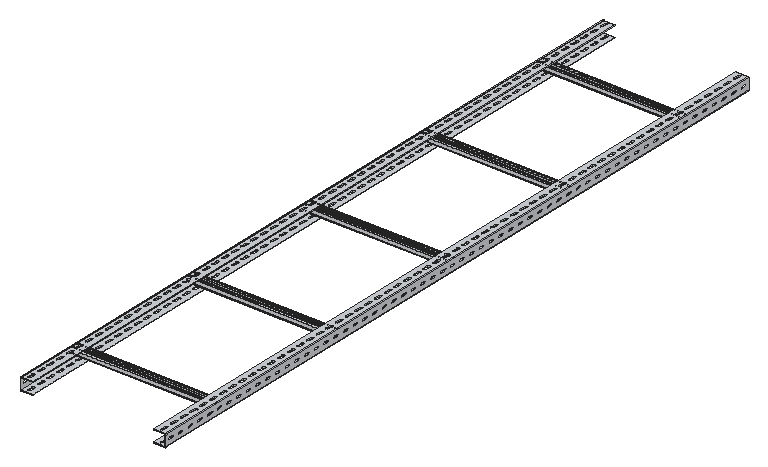
Revit family "steigeleiter_6_FT_FTSO_FTK_A2_A4.600rfa", category Generic Models, Revit 2017 (continued)
Forms (mm)
  Extrusion 306, void
    sketch origin (0, 300, 0) x (0, 1, 0) y (0, 0, 1)
      loop
        arc (15.5, 30.5) -> (10, 25) -> (15.5, 19.5) r 5.5
        line (15.5, 19.5) -> (34.5, 19.5)
        arc (34.5, 19.5) -> (40, 25) -> (34.5, 30.5) r 5.5
    from -300 to -297.5
  Extrusion 307, void
    sketch origin (0, 350, 0) x (0, 1, 0) y (0, 0, 1)
      loop
        line (34.5, 30.5) -> (15.5, 30.5)
        arc (15.5, 30.5) -> (10, 25) -> (15.5, 19.5) r 5.5
        line (15.5, 19.5) -> (34.5, 19.5)
        arc (34.5, 19.5) -> (40, 25) -> (34.5, 30.5) r 5.5
    from -300 to -297.5
  Extrusion 308, void
    sketch origin (0, 400, 0) x (0, 1, 0) y (0, 0, 1)
      loop
        line (34.5, 30.5) -> (15.5, 30.5)
        arc (15.5, 30.5) -> (10, 25) -> (15.5, 19.5) r 5.5
        line (15.5, 19.5) -> (34.5, 19.5)
        arc (34.5, 19.5) -> (40, 25) -> (34.5, 30.5) r 5.5
    from -300 to -297.5
  Extrusion 309, void
    sketch origin (0, 450, 0) x (0, 1, 0) y (0, 0, 1)
      loop
        line (34.5, 30.5) -> (15.5, 30.5)
        arc (15.5, 30.5) -> (10, 25) -> (15.5, 19.5) r 5.5
        line (15.5, 19.5) -> (34.5, 19.5)
        arc (34.5, 19.5) -> (40, 25) -> (34.5, 30.5) r 5.5
    from -300 to -297.5
  Extrusion 310, void
    sketch origin (0, 500, 0) x (0, 1, 0) y (0, 0, 1)
      loop
        line (34.5, 30.5) -> (15.5, 30.5)
        arc (15.5, 30.5) -> (10, 25) -> (15.5, 19.5) r 5.5
        line (15.5, 19.5) -> (34.5, 19.5)
        arc (34.5, 19.5) -> (40, 25) -> (34.5, 30.5) r 5.5
    from -300 to -297.5
  Extrusion 311, void
    sketch origin (0, 550, 0) x (0, 1, 0) y (0, 0, 1)
      loop
        line (34.5, 30.5) -> (15.5, 30.5)
        arc (15.5, 30.5) -> (10, 25) -> (15.5, 19.5) r 5.5
        line (15.5, 19.5) -> (34.5, 19.5)
        arc (34.5, 19.5) -> (40, 25) -> (34.5, 30.5) r 5.5
    from -300 to -297.5
  Extrusion 312, void
    sketch origin (0, 600, 0) x (0, 1, 0) y (0, 0, 1)
      loop
        line (34.5, 30.5) -> (15.5, 30.5)
        arc (15.5, 30.5) -> (10, 25) -> (15.5, 19.5) r 5.5
        line (15.5, 19.5) -> (34.5, 19.5)
        arc (34.5, 19.5) -> (40, 25) -> (34.5, 30.5) r 5.5
    from -300 to -297.5
  Extrusion 313, void
    sketch origin (0, 650, 0) x (0, 1, 0) y (0, 0, 1)
      loop
        line (34.5, 30.5) -> (15.5, 30.5)
        arc (15.5, 30.5) -> (10, 25) -> (15.5, 19.5) r 5.5
        line (15.5, 19.5) -> (34.5, 19.5)
        arc (34.5, 19.5) -> (40, 25) -> (34.5, 30.5) r 5.5
    from -300 to -297.5
  Extrusion 314, void
    sketch origin (0, 700, 0) x (0, 1, 0) y (0, 0, 1)
      loop
        line (34.5, 30.5) -> (15.5, 30.5)
        arc (15.5, 30.5) -> (10, 25) -> (15.5, 19.5) r 5.5
        line (15.5, 19.5) -> (34.5, 19.5)
        arc (34.5, 19.5) -> (40, 25) -> (34.5, 30.5) r 5.5
    from -300 to -297.5
  Extrusion 315, void
    sketch origin (0, 750, 0) x (0, 1, 0) y (0, 0, 1)
      loop
        line (34.5, 30.5) -> (15.5, 30.5)
        arc (15.5, 30.5) -> (10, 25) -> (15.5, 19.5) r 5.5
        line (15.5, 19.5) -> (34.5, 19.5)
        arc (34.5, 19.5) -> (40, 25) -> (34.5, 30.5) r 5.5
    from -300 to -297.5
  Extrusion 316, void
    sketch origin (0, 800, 0) x (0, 1, 0) y (0, 0, 1)
      loop
        line (34.5, 30.5) -> (15.5, 30.5)
        arc (15.5, 30.5) -> (10, 25) -> (15.5, 19.5) r 5.5
        line (15.5, 19.5) -> (34.5, 19.5)
        arc (34.5, 19.5) -> (40, 25) -> (34.5, 30.5) r 5.5
    from -300 to -297.5
  Extrusion 317, void
    sketch origin (0, 850, 0) x (0, 1, 0) y (0, 0, 1)
      loop
        line (34.5, 30.5) -> (15.5, 30.5)
        arc (15.5, 30.5) -> (10, 25) -> (15.5, 19.5) r 5.5
        line (15.5, 19.5) -> (34.5, 19.5)
        arc (34.5, 19.5) -> (40, 25) -> (34.5, 30.5) r 5.5
    from -300 to -297.5
  Extrusion 318, void
    sketch origin (0, 900, 0) x (0, 1, 0) y (0, 0, 1)
      loop
        line (34.5, 30.5) -> (15.5, 30.5)
        arc (15.5, 30.5) -> (10, 25) -> (15.5, 19.5) r 5.5
        line (15.5, 19.5) -> (34.5, 19.5)
        arc (34.5, 19.5) -> (40, 25) -> (34.5, 30.5) r 5.5
    from -300 to -297.5
  Extrusion 319, void
    sketch origin (0, 950, 0) x (0, 1, 0) y (0, 0, 1)
      loop
        line (34.5, 30.5) -> (15.5, 30.5)
        arc (15.5, 30.5) -> (10, 25) -> (15.5, 19.5) r 5.5
        line (15.5, 19.5) -> (34.5, 19.5)
        arc (34.5, 19.5) -> (40, 25) -> (34.5, 30.5) r 5.5
    from -300 to -297.5
  Extrusion 320, void
    sketch origin (0, 1000, 0) x (0, 1, 0) y (0, 0, 1)
      loop
        line (34.5, 30.5) -> (15.5, 30.5)
        arc (15.5, 30.5) -> (10, 25) -> (15.5, 19.5) r 5.5
        line (15.5, 19.5) -> (34.5, 19.5)
        arc (34.5, 19.5) -> (40, 25) -> (34.5, 30.5) r 5.5
    from -300 to -297.5
  Extrusion 321, void
    sketch origin (0, 1050, 0) x (0, 1, 0) y (0, 0, 1)
      loop
        line (34.5, 30.5) -> (15.5, 30.5)
        arc (15.5, 30.5) -> (10, 25) -> (15.5, 19.5) r 5.5
        line (15.5, 19.5) -> (34.5, 19.5)
        arc (34.5, 19.5) -> (40, 25) -> (34.5, 30.5) r 5.5
    from -300 to -297.5
  Extrusion 322, void
    sketch origin (0, 1100, 0) x (0, 1, 0) y (0, 0, 1)
      loop
        line (34.5, 30.5) -> (15.5, 30.5)
        arc (15.5, 30.5) -> (10, 25) -> (15.5, 19.5) r 5.5
        line (15.5, 19.5) -> (34.5, 19.5)
        arc (34.5, 19.5) -> (40, 25) -> (34.5, 30.5) r 5.5
    from -300 to -297.5
  Extrusion 323, void
    sketch origin (0, 1150, 0) x (0, 1, 0) y (0, 0, 1)
      loop
        line (34.5, 30.5) -> (15.5, 30.5)
        arc (15.5, 30.5) -> (10, 25) -> (15.5, 19.5) r 5.5
        line (15.5, 19.5) -> (34.5, 19.5)
        arc (34.5, 19.5) -> (40, 25) -> (34.5, 30.5) r 5.5
    from -300 to -297.5
  Extrusion 324, void
    sketch origin (0, 1200, 0) x (0, 1, 0) y (0, 0, 1)
      loop
        line (34.5, 30.5) -> (15.5, 30.5)
        arc (15.5, 30.5) -> (10, 25) -> (15.5, 19.5) r 5.5
        line (15.5, 19.5) -> (34.5, 19.5)
        arc (34.5, 19.5) -> (40, 25) -> (34.5, 30.5) r 5.5
    from -300 to -297.5
  Extrusion 325, void
    sketch origin (0, 1250, 0) x (0, 1, 0) y (0, 0, 1)
      loop
        line (34.5, 30.5) -> (15.5, 30.5)
        arc (15.5, 30.5) -> (10, 25) -> (15.5, 19.5) r 5.5
        line (15.5, 19.5) -> (34.5, 19.5)
        arc (34.5, 19.5) -> (40, 25) -> (34.5, 30.5) r 5.5
    from -300 to -297.5
  Extrusion 326, void
    sketch origin (0, 1300, 0) x (0, 1, 0) y (0, 0, 1)
      loop
        line (34.5, 30.5) -> (15.5, 30.5)
        arc (15.5, 30.5) -> (10, 25) -> (15.5, 19.5) r 5.5
        line (15.5, 19.5) -> (34.5, 19.5)
        arc (34.5, 19.5) -> (40, 25) -> (34.5, 30.5) r 5.5
    from -300 to -297.5
  Extrusion 327, void
    sketch origin (0, 1350, 0) x (0, 1, 0) y (0, 0, 1)
      loop
        line (34.5, 30.5) -> (15.5, 30.5)
        arc (15.5, 30.5) -> (10, 25) -> (15.5, 19.5) r 5.5
        line (15.5, 19.5) -> (34.5, 19.5)
        arc (34.5, 19.5) -> (40, 25) -> (34.5, 30.5) r 5.5
    from -300 to -297.5
  Extrusion 328, void
    sketch origin (0, 1400, 0) x (0, 1, 0) y (0, 0, 1)
      loop
        line (34.5, 30.5) -> (15.5, 30.5)
        arc (15.5, 30.5) -> (10, 25) -> (15.5, 19.5) r 5.5
        line (15.5, 19.5) -> (34.5, 19.5)
        arc (34.5, 19.5) -> (40, 25) -> (34.5, 30.5) r 5.5
    from -300 to -297.5
  Extrusion 329, void
    sketch origin (0, 1450, 0) x (0, 1, 0) y (0, 0, 1)
      loop
        line (34.5, 30.5) -> (15.5, 30.5)
        arc (15.5, 30.5) -> (10, 25) -> (15.5, 19.5) r 5.5
        line (15.5, 19.5) -> (34.5, 19.5)
        arc (34.5, 19.5) -> (40, 25) -> (34.5, 30.5) r 5.5
    from -300 to -297.5
  Extrusion 330, void
    sketch origin (0, 1500, 0) x (0, 1, 0) y (0, 0, 1)
      loop
        line (34.5, 30.5) -> (15.5, 30.5)
        arc (15.5, 30.5) -> (10, 25) -> (15.5, 19.5) r 5.5
        line (15.5, 19.5) -> (34.5, 19.5)
        arc (34.5, 19.5) -> (40, 25) -> (34.5, 30.5) r 5.5
    from -300 to -297.5
  Extrusion 331, void
    sketch origin (0, 1550, 0) x (0, 1, 0) y (0, 0, 1)
      loop
        line (34.5, 30.5) -> (15.5, 30.5)
        arc (15.5, 30.5) -> (10, 25) -> (15.5, 19.5) r 5.5
        line (15.5, 19.5) -> (34.5, 19.5)
        arc (34.5, 19.5) -> (40, 25) -> (34.5, 30.5) r 5.5
    from -300 to -297.5
  Extrusion 332, void
    sketch origin (0, 1600, 0) x (0, 1, 0) y (0, 0, 1)
      loop
        line (34.5, 30.5) -> (15.5, 30.5)
        arc (15.5, 30.5) -> (10, 25) -> (15.5, 19.5) r 5.5
        line (15.5, 19.5) -> (34.5, 19.5)
        arc (34.5, 19.5) -> (40, 25) -> (34.5, 30.5) r 5.5
    from -300 to -297.5
  Extrusion 333, void
    sketch origin (0, 1650, 0) x (0, 1, 0) y (0, 0, 1)
      loop
        line (34.5, 30.5) -> (15.5, 30.5)
        arc (15.5, 30.5) -> (10, 25) -> (15.5, 19.5) r 5.5
        line (15.5, 19.5) -> (34.5, 19.5)
        arc (34.5, 19.5) -> (40, 25) -> (34.5, 30.5) r 5.5
    from -300 to -297.5
  Extrusion 334, void
    sketch origin (0, 1700, 0) x (0, 1, 0) y (0, 0, 1)
      loop
        line (34.5, 30.5) -> (15.5, 30.5)
        arc (15.5, 30.5) -> (10, 25) -> (15.5, 19.5) r 5.5
        line (15.5, 19.5) -> (34.5, 19.5)
        arc (34.5, 19.5) -> (40, 25) -> (34.5, 30.5) r 5.5
    from -300 to -297.5
  Extrusion 335, void
    sketch origin (0, 1750, 0) x (0, 1, 0) y (0, 0, 1)
      loop
        line (34.5, 30.5) -> (15.5, 30.5)
        arc (15.5, 30.5) -> (10, 25) -> (15.5, 19.5) r 5.5
        line (15.5, 19.5) -> (34.5, 19.5)
        arc (34.5, 19.5) -> (40, 25) -> (34.5, 30.5) r 5.5
    from -300 to -297.5
  Extrusion 336, void
    sketch origin (0, 1800, 0) x (0, 1, 0) y (0, 0, 1)
      loop
        line (34.5, 30.5) -> (15.5, 30.5)
        arc (15.5, 30.5) -> (10, 25) -> (15.5, 19.5) r 5.5
        line (15.5, 19.5) -> (34.5, 19.5)
        arc (34.5, 19.5) -> (40, 25) -> (34.5, 30.5) r 5.5
    from -300 to -297.5
  Extrusion 337, void
    sketch origin (0, 1850, 0) x (0, 1, 0) y (0, 0, 1)
      loop
        line (34.5, 30.5) -> (15.5, 30.5)
        arc (15.5, 30.5) -> (10, 25) -> (15.5, 19.5) r 5.5
        line (15.5, 19.5) -> (34.5, 19.5)
        arc (34.5, 19.5) -> (40, 25) -> (34.5, 30.5) r 5.5
    from -300 to -297.5
  Extrusion 338, void
    sketch origin (0, 1900, 0) x (0, 1, 0) y (0, 0, 1)
      loop
        line (34.5, 30.5) -> (15.5, 30.5)
        arc (15.5, 30.5) -> (10, 25) -> (15.5, 19.5) r 5.5
        line (15.5, 19.5) -> (34.5, 19.5)
        arc (34.5, 19.5) -> (40, 25) -> (34.5, 30.5) r 5.5
    from -300 to -297.5
  Extrusion 339, void
    sketch origin (0, 1950, 0) x (0, 1, 0) y (0, 0, 1)
      loop
        line (34.5, 30.5) -> (15.5, 30.5)
        arc (15.5, 30.5) -> (10, 25) -> (15.5, 19.5) r 5.5
        line (15.5, 19.5) -> (34.5, 19.5)
        arc (34.5, 19.5) -> (40, 25) -> (34.5, 30.5) r 5.5
    from -300 to -297.5
  Extrusion 340, void
    sketch origin (0, 2000, 0) x (0, 1, 0) y (0, 0, 1)
      loop
        line (34.5, 30.5) -> (15.5, 30.5)
        arc (15.5, 30.5) -> (10, 25) -> (15.5, 19.5) r 5.5
        line (15.5, 19.5) -> (34.5, 19.5)
        arc (34.5, 19.5) -> (40, 25) -> (34.5, 30.5) r 5.5
    from -300 to -297.5
  Extrusion 341, void
    sketch origin (0, 2050, 0) x (0, 1, 0) y (0, 0, 1)
      loop
        line (34.5, 30.5) -> (15.5, 30.5)
        arc (15.5, 30.5) -> (10, 25) -> (15.5, 19.5) r 5.5
        line (15.5, 19.5) -> (34.5, 19.5)
        arc (34.5, 19.5) -> (40, 25) -> (34.5, 30.5) r 5.5
    from -300 to -297.5
  Extrusion 342, void
    sketch origin (0, 2100, 0) x (0, 1, 0) y (0, 0, 1)
      loop
        line (34.5, 30.5) -> (15.5, 30.5)
        arc (15.5, 30.5) -> (10, 25) -> (15.5, 19.5) r 5.5
        line (15.5, 19.5) -> (34.5, 19.5)
        arc (34.5, 19.5) -> (40, 25) -> (34.5, 30.5) r 5.5
    from -300 to -297.5
  Extrusion 343, void
    sketch origin (0, 2150, 0) x (0, 1, 0) y (0, 0, 1)
      loop
        line (34.5, 30.5) -> (15.5, 30.5)
        arc (15.5, 30.5) -> (10, 25) -> (15.5, 19.5) r 5.5
        line (15.5, 19.5) -> (34.5, 19.5)
        arc (34.5, 19.5) -> (40, 25) -> (34.5, 30.5) r 5.5
    from -300 to -297.5
  Extrusion 344, void
    sketch origin (0, 2200, 0) x (0, 1, 0) y (0, 0, 1)
      loop
        line (34.5, 30.5) -> (15.5, 30.5)
        arc (15.5, 30.5) -> (10, 25) -> (15.5, 19.5) r 5.5
        line (15.5, 19.5) -> (34.5, 19.5)
        arc (34.5, 19.5) -> (40, 25) -> (34.5, 30.5) r 5.5
    from -300 to -297.5
  Extrusion 345, void
    sketch origin (0, 2250, 0) x (0, 1, 0) y (0, 0, 1)
      loop
        line (34.5, 30.5) -> (15.5, 30.5)
        arc (15.5, 30.5) -> (10, 25) -> (15.5, 19.5) r 5.5
        line (15.5, 19.5) -> (34.5, 19.5)
        arc (34.5, 19.5) -> (40, 25) -> (34.5, 30.5) r 5.5
    from -300 to -297.5
  Extrusion 346, void
    sketch origin (0, 2300, 0) x (0, 1, 0) y (0, 0, 1)
      loop
        line (34.5, 30.5) -> (15.5, 30.5)
        arc (15.5, 30.5) -> (10, 25) -> (15.5, 19.5) r 5.5
        line (15.5, 19.5) -> (34.5, 19.5)
        arc (34.5, 19.5) -> (40, 25) -> (34.5, 30.5) r 5.5
    from -300 to -297.5
  Extrusion 347, void
    sketch origin (0, 2350, 0) x (0, 1, 0) y (0, 0, 1)
      loop
        line (34.5, 30.5) -> (15.5, 30.5)
        arc (15.5, 30.5) -> (10, 25) -> (15.5, 19.5) r 5.5
        line (15.5, 19.5) -> (34.5, 19.5)
        arc (34.5, 19.5) -> (40, 25) -> (34.5, 30.5) r 5.5
    from -300 to -297.5
  Extrusion 348, void
    sketch origin (0, 2400, 0) x (0, 1, 0) y (0, 0, 1)
      loop
        line (34.5, 30.5) -> (15.5, 30.5)
        arc (15.5, 30.5) -> (10, 25) -> (15.5, 19.5) r 5.5
        line (15.5, 19.5) -> (34.5, 19.5)
        arc (34.5, 19.5) -> (40, 25) -> (34.5, 30.5) r 5.5
    from -300 to -297.5
  Extrusion 349, void
    sketch origin (0, 2450, 0) x (0, 1, 0) y (0, 0, 1)
      loop
        line (34.5, 30.5) -> (15.5, 30.5)
        arc (15.5, 30.5) -> (10, 25) -> (15.5, 19.5) r 5.5
        line (15.5, 19.5) -> (34.5, 19.5)
        arc (34.5, 19.5) -> (40, 25) -> (34.5, 30.5) r 5.5
    from -300 to -297.5
  Extrusion 350, void
    sketch origin (0, 2500, 0) x (0, 1, 0) y (0, 0, 1)
      loop
        line (34.5, 30.5) -> (15.5, 30.5)
        arc (15.5, 30.5) -> (10, 25) -> (15.5, 19.5) r 5.5
        line (15.5, 19.5) -> (34.5, 19.5)
        arc (34.5, 19.5) -> (40, 25) -> (34.5, 30.5) r 5.5
    from -300 to -297.5
  Extrusion 351, void
    sketch origin (0, 2550, 0) x (0, 1, 0) y (0, 0, 1)
      loop
        line (34.5, 30.5) -> (15.5, 30.5)
        arc (15.5, 30.5) -> (10, 25) -> (15.5, 19.5) r 5.5
        line (15.5, 19.5) -> (34.5, 19.5)
        arc (34.5, 19.5) -> (40, 25) -> (34.5, 30.5) r 5.5
    from -300 to -297.5
  Extrusion 352, void
    sketch origin (0, 2600, 0) x (0, 1, 0) y (0, 0, 1)
      loop
        line (34.5, 30.5) -> (15.5, 30.5)
        arc (15.5, 30.5) -> (10, 25) -> (15.5, 19.5) r 5.5
        line (15.5, 19.5) -> (34.5, 19.5)
        arc (34.5, 19.5) -> (40, 25) -> (34.5, 30.5) r 5.5
    from -300 to -297.5
  Extrusion 353, void
    sketch origin (0, 2650, 0) x (0, 1, 0) y (0, 0, 1)
      loop
        line (34.5, 30.5) -> (15.5, 30.5)
        arc (15.5, 30.5) -> (10, 25) -> (15.5, 19.5) r 5.5
        line (15.5, 19.5) -> (34.5, 19.5)
        arc (34.5, 19.5) -> (40, 25) -> (34.5, 30.5) r 5.5
    from -300 to -297.5
  Extrusion 354, void
    sketch origin (0, 2700, 0) x (0, 1, 0) y (0, 0, 1)
      loop
        line (34.5, 30.5) -> (15.5, 30.5)
        arc (15.5, 30.5) -> (10, 25) -> (15.5, 19.5) r 5.5
        line (15.5, 19.5) -> (34.5, 19.5)
        arc (34.5, 19.5) -> (40, 25) -> (34.5, 30.5) r 5.5
    from -300 to -297.5
  Extrusion 355, void
    sketch origin (0, 2750, 0) x (0, 1, 0) y (0, 0, 1)
      loop
        line (34.5, 30.5) -> (15.5, 30.5)
        arc (15.5, 30.5) -> (10, 25) -> (15.5, 19.5) r 5.5
        line (15.5, 19.5) -> (34.5, 19.5)
        arc (34.5, 19.5) -> (40, 25) -> (34.5, 30.5) r 5.5
    from -300 to -297.5
  Extrusion 356, void
    sketch origin (0, 2800, 0) x (0, 1, 0) y (0, 0, 1)
      loop
        line (34.5, 30.5) -> (15.5, 30.5)
        arc (15.5, 30.5) -> (10, 25) -> (15.5, 19.5) r 5.5
        line (15.5, 19.5) -> (34.5, 19.5)
        arc (34.5, 19.5) -> (40, 25) -> (34.5, 30.5) r 5.5
    from -300 to -297.5
  Extrusion 357, void
    sketch origin (0, 2850, 0) x (0, 1, 0) y (0, 0, 1)
      loop
        line (34.5, 30.5) -> (15.5, 30.5)
        arc (15.5, 30.5) -> (10, 25) -> (15.5, 19.5) r 5.5
        line (15.5, 19.5) -> (34.5, 19.5)
        arc (34.5, 19.5) -> (40, 25) -> (34.5, 30.5) r 5.5
    from -300 to -297.5
  Extrusion 358, void
    sketch origin (0, 2900, 0) x (0, 1, 0) y (0, 0, 1)
      loop
        line (34.5, 30.5) -> (15.5, 30.5)
        arc (15.5, 30.5) -> (10, 25) -> (15.5, 19.5) r 5.5
        line (15.5, 19.5) -> (34.5, 19.5)
        arc (34.5, 19.5) -> (40, 25) -> (34.5, 30.5) r 5.5
    from -300 to -297.5
  Extrusion 359, void
    sketch origin (0, 2950, 0) x (0, 1, 0) y (0, 0, 1)
      loop
        line (34.5, 30.5) -> (15.5, 30.5)
        arc (15.5, 30.5) -> (10, 25) -> (15.5, 19.5) r 5.5
        line (15.5, 19.5) -> (34.5, 19.5)
        arc (34.5, 19.5) -> (40, 25) -> (34.5, 30.5) r 5.5
    from -300 to -297.5
  Extrusion 360, void
    sketch origin (0, 0, 0) x (0, 1, 0) y (0, 0, 1)
      loop
        line (34.5, 30.5) -> (15.5, 30.5)
        arc (15.5, 30.5) -> (10, 25) -> (15.5, 19.5) r 5.5
        line (15.5, 19.5) -> (34.5, 19.5)
        arc (34.5, 19.5) -> (40, 25) -> (34.5, 30.5) r 5.5
    from -300 to -297.5
  Extrusion 361, void
    sketch origin (0, 0, 0) x (0, 1, 0) y (0, 0, 1)
      loop
        arc (15.5, 30.5) -> (10, 25) -> (15.5, 19.5) r 5.5
        line (15.5, 19.5) -> (34.5, 19.5)
        arc (34.5, 19.5) -> (40, 25) -> (34.5, 30.5) r 5.5
        line (34.5, 30.5) -> (15.5, 30.5)
    from 297.5 to 300
  Extrusion 362, solid
    sketch origin (0, 0, 0) x (0, 1, 0) y (0, 0, 1)
      loop
        arc (257.462, 27) -> (256.075, 27.575) -> (255.5, 28.962) r 1.962
        line (255.5, 28.962) -> (255.5, 43.5)
        arc (255.5, 43.5) -> (256.086, 44.914) -> (257.5, 45.5) r 2
        line (257.5, 45.5) -> (261.51, 45.5)
        arc (261.51, 45.5) -> (262.21, 45.21) -> (262.5, 44.51) r 0.99
        line (262.5, 44.51) -> (262.5, 42) -> (264.5, 42) -> (264.5, 44.51)
        arc (264.5, 44.51) -> (263.624, 46.624) -> (261.51, 47.5) r 2.99
        line (261.51, 47.5) -> (257.5, 47.5)
        arc (257.5, 47.5) -> (254.672, 46.328) -> (253.5, 43.5) r 4
        line (253.5, 43.5) -> (253.5, 28.962)
        arc (253.5, 28.962) -> (254.66, 26.16) -> (257.462, 25) r 3.962
        line (257.462, 25) -> (289.5, 25)
        arc (289.5, 25) -> (292.328, 26.172) -> (293.5, 29) r 4
        line (293.5, 29) -> (293.5, 43.5)
        arc (293.5, 43.5) -> (292.328, 46.328) -> (289.5, 47.5) r 4
        line (289.5, 47.5) -> (285.495, 47.5)
        arc (285.495, 47.5) -> (283.377, 46.623) -> (282.5, 44.505) r 2.995
        line (282.5, 44.505) -> (282.5, 42) -> (284.5, 42) -> (284.5, 44.505)
        arc (284.5, 44.505) -> (284.791, 45.209) -> (285.495, 45.5) r 0.995
        line (285.495, 45.5) -> (289.5, 45.5)
        arc (289.5, 45.5) -> (290.914, 44.914) -> (291.5, 43.5) r 2
        line (291.5, 43.5) -> (291.5, 29)
        arc (291.5, 29) -> (290.914, 27.586) -> (289.5, 27) r 2
        line (289.5, 27) -> (257.462, 27)
    from -297.5 to 297.5
  Extrusion 363, solid
    sketch origin (0, 600, 0) x (0, 1, 0) y (0, 0, 1)
      loop
        arc (257.462, 27) -> (256.075, 27.575) -> (255.5, 28.962) r 1.962
        line (255.5, 28.962) -> (255.5, 43.5)
        arc (255.5, 43.5) -> (256.086, 44.914) -> (257.5, 45.5) r 2
        line (257.5, 45.5) -> (261.51, 45.5)
        arc (261.51, 45.5) -> (262.21, 45.21) -> (262.5, 44.51) r 0.99
        line (262.5, 44.51) -> (262.5, 42) -> (264.5, 42) -> (264.5, 44.51)
        arc (264.5, 44.51) -> (263.624, 46.624) -> (261.51, 47.5) r 2.99
        line (261.51, 47.5) -> (257.5, 47.5)
        arc (257.5, 47.5) -> (254.672, 46.328) -> (253.5, 43.5) r 4
        line (253.5, 43.5) -> (253.5, 28.962)
        arc (253.5, 28.962) -> (254.66, 26.16) -> (257.462, 25) r 3.962
        line (257.462, 25) -> (289.5, 25)
        arc (289.5, 25) -> (292.328, 26.172) -> (293.5, 29) r 4
        line (293.5, 29) -> (293.5, 43.5)
        arc (293.5, 43.5) -> (292.328, 46.328) -> (289.5, 47.5) r 4
        line (289.5, 47.5) -> (285.495, 47.5)
        arc (285.495, 47.5) -> (283.377, 46.623) -> (282.5, 44.505) r 2.995
        line (282.5, 44.505) -> (282.5, 42) -> (284.5, 42) -> (284.5, 44.505)
        arc (284.5, 44.505) -> (284.791, 45.209) -> (285.495, 45.5) r 0.995
        line (285.495, 45.5) -> (289.5, 45.5)
        arc (289.5, 45.5) -> (290.914, 44.914) -> (291.5, 43.5) r 2
        line (291.5, 43.5) -> (291.5, 29)
        arc (291.5, 29) -> (290.914, 27.586) -> (289.5, 27) r 2
        line (289.5, 27) -> (257.462, 27)
    from -297.5 to 297.5
  Extrusion 364, solid
    sketch origin (0, 1200, 0) x (0, 1, 0) y (0, 0, 1)
      loop
        arc (257.462, 27) -> (256.075, 27.575) -> (255.5, 28.962) r 1.962
        line (255.5, 28.962) -> (255.5, 43.5)
        arc (255.5, 43.5) -> (256.086, 44.914) -> (257.5, 45.5) r 2
        line (257.5, 45.5) -> (261.51, 45.5)
        arc (261.51, 45.5) -> (262.21, 45.21) -> (262.5, 44.51) r 0.99
        line (262.5, 44.51) -> (262.5, 42) -> (264.5, 42) -> (264.5, 44.51)
        arc (264.5, 44.51) -> (263.624, 46.624) -> (261.51, 47.5) r 2.99
        line (261.51, 47.5) -> (257.5, 47.5)
        arc (257.5, 47.5) -> (254.672, 46.328) -> (253.5, 43.5) r 4
        line (253.5, 43.5) -> (253.5, 28.962)
        arc (253.5, 28.962) -> (254.66, 26.16) -> (257.462, 25) r 3.962
        line (257.462, 25) -> (289.5, 25)
        arc (289.5, 25) -> (292.328, 26.172) -> (293.5, 29) r 4
        line (293.5, 29) -> (293.5, 43.5)
        arc (293.5, 43.5) -> (292.328, 46.328) -> (289.5, 47.5) r 4
        line (289.5, 47.5) -> (285.495, 47.5)
        arc (285.495, 47.5) -> (283.377, 46.623) -> (282.5, 44.505) r 2.995
        line (282.5, 44.505) -> (282.5, 42) -> (284.5, 42) -> (284.5, 44.505)
        arc (284.5, 44.505) -> (284.791, 45.209) -> (285.495, 45.5) r 0.995
        line (285.495, 45.5) -> (289.5, 45.5)
        arc (289.5, 45.5) -> (290.914, 44.914) -> (291.5, 43.5) r 2
        line (291.5, 43.5) -> (291.5, 29)
        arc (291.5, 29) -> (290.914, 27.586) -> (289.5, 27) r 2
        line (289.5, 27) -> (257.462, 27)
    from -297.5 to 297.5
  Extrusion 365, solid
    sketch origin (0, 1800, 0) x (0, 1, 0) y (0, 0, 1)
      loop
        arc (257.462, 27) -> (256.075, 27.575) -> (255.5, 28.962) r 1.962
        line (255.5, 28.962) -> (255.5, 43.5)
        arc (255.5, 43.5) -> (256.086, 44.914) -> (257.5, 45.5) r 2
        line (257.5, 45.5) -> (261.51, 45.5)
        arc (261.51, 45.5) -> (262.21, 45.21) -> (262.5, 44.51) r 0.99
        line (262.5, 44.51) -> (262.5, 42) -> (264.5, 42) -> (264.5, 44.51)
        arc (264.5, 44.51) -> (263.624, 46.624) -> (261.51, 47.5) r 2.99
        line (261.51, 47.5) -> (257.5, 47.5)
        arc (257.5, 47.5) -> (254.672, 46.328) -> (253.5, 43.5) r 4
        line (253.5, 43.5) -> (253.5, 28.962)
        arc (253.5, 28.962) -> (254.66, 26.16) -> (257.462, 25) r 3.962
        line (257.462, 25) -> (289.5, 25)
        arc (289.5, 25) -> (292.328, 26.172) -> (293.5, 29) r 4
        line (293.5, 29) -> (293.5, 43.5)
        arc (293.5, 43.5) -> (292.328, 46.328) -> (289.5, 47.5) r 4
        line (289.5, 47.5) -> (285.495, 47.5)
        arc (285.495, 47.5) -> (283.377, 46.623) -> (282.5, 44.505) r 2.995
        line (282.5, 44.505) -> (282.5, 42) -> (284.5, 42) -> (284.5, 44.505)
        arc (284.5, 44.505) -> (284.791, 45.209) -> (285.495, 45.5) r 0.995
        line (285.495, 45.5) -> (289.5, 45.5)
        arc (289.5, 45.5) -> (290.914, 44.914) -> (291.5, 43.5) r 2
        line (291.5, 43.5) -> (291.5, 29)
        arc (291.5, 29) -> (290.914, 27.586) -> (289.5, 27) r 2
        line (289.5, 27) -> (257.462, 27)
    from -297.5 to 297.5
  Extrusion 366, solid
    sketch origin (0, 2400, 0) x (0, 1, 0) y (0, 0, 1)
      loop
        arc (257.462, 27) -> (256.075, 27.575) -> (255.5, 28.962) r 1.962
        line (255.5, 28.962) -> (255.5, 43.5)
        arc (255.5, 43.5) -> (256.086, 44.914) -> (257.5, 45.5) r 2
        line (257.5, 45.5) -> (261.51, 45.5)
        arc (261.51, 45.5) -> (262.21, 45.21) -> (262.5, 44.51) r 0.99
        line (262.5, 44.51) -> (262.5, 42) -> (264.5, 42) -> (264.5, 44.51)
        arc (264.5, 44.51) -> (263.624, 46.624) -> (261.51, 47.5) r 2.99
        line (261.51, 47.5) -> (257.5, 47.5)
        arc (257.5, 47.5) -> (254.672, 46.328) -> (253.5, 43.5) r 4
        line (253.5, 43.5) -> (253.5, 28.962)
        arc (253.5, 28.962) -> (254.66, 26.16) -> (257.462, 25) r 3.962
        line (257.462, 25) -> (289.5, 25)
        arc (289.5, 25) -> (292.328, 26.172) -> (293.5, 29) r 4
        line (293.5, 29) -> (293.5, 43.5)
        arc (293.5, 43.5) -> (292.328, 46.328) -> (289.5, 47.5) r 4
        line (289.5, 47.5) -> (285.495, 47.5)
        arc (285.495, 47.5) -> (283.377, 46.623) -> (282.5, 44.505) r 2.995
        line (282.5, 44.505) -> (282.5, 42) -> (284.5, 42) -> (284.5, 44.505)
        arc (284.5, 44.505) -> (284.791, 45.209) -> (285.495, 45.5) r 0.995
        line (285.495, 45.5) -> (289.5, 45.5)
        arc (289.5, 45.5) -> (290.914, 44.914) -> (291.5, 43.5) r 2
        line (291.5, 43.5) -> (291.5, 29)
        arc (291.5, 29) -> (290.914, 27.586) -> (289.5, 27) r 2
        line (289.5, 27) -> (257.462, 27)
    from -297.5 to 297.5
Cuts and joins
  Extrusion 2, Extrusion 3, Extrusion 4, Extrusion 5, Extrusion 6, Extrusion 7, Extrusion 8, Extrusion 9, Extrusion 10, Extrusion 11, Extrusion 12, Extrusion 13, Extrusion 14, Extrusion 15, Extrusion 16, Extrusion 17, Extrusion 18, Extrusion 19, Extrusion 20, Extrusion 21, Extrusion 22, Extrusion 23, Extrusion 24, Extrusion 25, Extrusion 26, Extrusion 27, Extrusion 28, Extrusion 29, Extrusion 30, Extrusion 31, Extrusion 32, Extrusion 33, Extrusion 34, Extrusion 35, Extrusion 36, Extrusion 37, Extrusion 38, Extrusion 39, Extrusion 40, Extrusion 41, Extrusion 42, Extrusion 43, Extrusion 44, Extrusion 45, Extrusion 46, Extrusion 47, Extrusion 48, Extrusion 49, Extrusion 50, Extrusion 51, Extrusion 52, Extrusion 53, Extrusion 54, Extrusion 55, Extrusion 56, Extrusion 57, Extrusion 58, Extrusion 59, Extrusion 60, Extrusion 61, Extrusion 62, Extrusion 63, Extrusion 64, Extrusion 65, Extrusion 66, Extrusion 67, Extrusion 68, Extrusion 69, Extrusion 70, Extrusion 71, Extrusion 72, Extrusion 73, Extrusion 74, Extrusion 75, Extrusion 76, Extrusion 77, Extrusion 78, Extrusion 79, Extrusion 80, Extrusion 81, Extrusion 82, Extrusion 83, Extrusion 84, Extrusion 85, Extrusion 86, Extrusion 87, Extrusion 88, Extrusion 89, Extrusion 90, Extrusion 91, Extrusion 92, Extrusion 93, Extrusion 94, Extrusion 95, Extrusion 96, Extrusion 97, Extrusion 98, Extrusion 99, Extrusion 100, Extrusion 101, Extrusion 102, Extrusion 103, Extrusion 104, Extrusion 105, Extrusion 106, Extrusion 107, Extrusion 108, Extrusion 109, Extrusion 110, Extrusion 111, Extrusion 112, Extrusion 113, Extrusion 114, Extrusion 115, Extrusion 116, Extrusion 117, Extrusion 118, Extrusion 119, Extrusion 120, Extrusion 121, Extrusion 122, Extrusion 123, Extrusion 124, Extrusion 125, Extrusion 126, Extrusion 127, Extrusion 128, Extrusion 129, Extrusion 130, Extrusion 131, Extrusion 132, Extrusion 133, Extrusion 134, Extrusion 135, Extrusion 136, Extrusion 137, Extrusion 138, Extrusion 139, Extrusion 140, Extrusion 141, Extrusion 142, Extrusion 143, Extrusion 144, Extrusion 145, Extrusion 146, Extrusion 147, Extrusion 148, Extrusion 149, Extrusion 150, Extrusion 151, Extrusion 152, Extrusion 153, Extrusion 154, Extrusion 155, Extrusion 156, Extrusion 157, Extrusion 158, Extrusion 159, Extrusion 160, Extrusion 161, Extrusion 162, Extrusion 163, Extrusion 164, Extrusion 165, Extrusion 166, Extrusion 167, Extrusion 168, Extrusion 169, Extrusion 170, Extrusion 171, Extrusion 172, Extrusion 173, Extrusion 174, Extrusion 175, Extrusion 176, Extrusion 177, Extrusion 178, Extrusion 179, Extrusion 180, Extrusion 181, Extrusion 182, Extrusion 183, Extrusion 184, Extrusion 185, Extrusion 186, Extrusion 187, Extrusion 188, Extrusion 189, Extrusion 190, Extrusion 191, Extrusion 192, Extrusion 193, Extrusion 194, Extrusion 195, Extrusion 196, Extrusion 197, Extrusion 198, Extrusion 199, Extrusion 200, Extrusion 201, Extrusion 202, Extrusion 203, Extrusion 204, Extrusion 205, Extrusion 206, Extrusion 207, Extrusion 208, Extrusion 209, Extrusion 210, Extrusion 211, Extrusion 212, Extrusion 213, Extrusion 214, Extrusion 215, Extrusion 216, Extrusion 217, Extrusion 218, Extrusion 219, Extrusion 220, Extrusion 221, Extrusion 222, Extrusion 223, Extrusion 224, Extrusion 225, Extrusion 226, Extrusion 227, Extrusion 228, Extrusion 229, Extrusion 230, Extrusion 231, Extrusion 232, Extrusion 233, Extrusion 234, Extrusion 235, Extrusion 236, Extrusion 237, Extrusion 238, Extrusion 239, Extrusion 240, Extrusion 241, Extrusion 242, Extrusion 243, Extrusion 244, Extrusion 245, Extrusion 246, Extrusion 247, Extrusion 248, Extrusion 249, Extrusion 250, Extrusion 251, Extrusion 252, Extrusion 253, Extrusion 254, Extrusion 255, Extrusion 256, Extrusion 257, Extrusion 258, Extrusion 259, Extrusion 260, Extrusion 261, Extrusion 262, Extrusion 263, Extrusion 264, Extrusion 265, Extrusion 266, Extrusion 267, Extrusion 268, Extrusion 269, Extrusion 270, Extrusion 271, Extrusion 272, Extrusion 273, Extrusion 274, Extrusion 275, Extrusion 276, Extrusion 277, Extrusion 278, Extrusion 279, Extrusion 280, Extrusion 281, Extrusion 282, Extrusion 283, Extrusion 284, Extrusion 285, Extrusion 286, Extrusion 287, Extrusion 288, Extrusion 289, Extrusion 290, Extrusion 291, Extrusion 292, Extrusion 293, Extrusion 294, Extrusion 295, Extrusion 296, Extrusion 297, Extrusion 298, Extrusion 299, Extrusion 300, Extrusion 301, Extrusion 302, Extrusion 303, Extrusion 304, Extrusion 305, Extrusion 306, Extrusion 307, Extrusion 308, Extrusion 309, Extrusion 310, Extrusion 311, Extrusion 312, Extrusion 313, Extrusion 314, Extrusion 315, Extrusion 316, Extrusion 317, Extrusion 318, Extrusion 319, Extrusion 320, Extrusion 321, Extrusion 322, Extrusion 323, Extrusion 324, Extrusion 325, Extrusion 326, Extrusion 327, Extrusion 328, Extrusion 329, Extrusion 330, Extrusion 331, Extrusion 332, Extrusion 333, Extrusion 334, Extrusion 335, Extrusion 336, Extrusion 337, Extrusion 338, Extrusion 339, Extrusion 340, Extrusion 341, Extrusion 342, Extrusion 343, Extrusion 344, Extrusion 345, Extrusion 346, Extrusion 347, Extrusion 348, Extrusion 349, Extrusion 350, Extrusion 351, Extrusion 352, Extrusion 353, Extrusion 354, Extrusion 355, Extrusion 356, Extrusion 357, Extrusion 358, Extrusion 359, Extrusion 360, Extrusion 361 cuts Extrusion 1
Dimensions and locks
  locked: Extrusion 1 sketch curve to Extrusion 1 sketch curve at 2.5  (x6)
  Extrusion 1 sketch curve to Extrusion 1 sketch curve = 2.5 mm  (x3)
  locked: level to Extrusion 1 at 2.5
  "Length": plane 5 to plane 1 "Center (Front/Back)"
  locked: Extrusion 1 sketch curve to Extrusion 1 sketch curve at 50  (x6)
  Extrusion 1 sketch curve to Extrusion 1 sketch curve = 50 mm
  "Width": Extrusion 1 to Extrusion 1
  "Width 1": Extrusion 1 to plane 3 "Center (Left/Right)"
  locked: Extrusion 2 sketch curve to Extrusion 2 sketch curve at 11
  locked: Extrusion 3 sketch curve to Extrusion 3 sketch curve at 11
  equal spacing: group 1, group 2, group 3, group 4, group 5, group 6, group 7, group 8, group 9, group 10, group 11, group 12, group 13, group 14, group 15, group 16, group 17, group 18, group 19, group 20, group 21, group 22, group 23, group 24, group 25, group 26, group 27, group 28, group 29, group 30, group 31, group 32, group 33, group 34, group 35, group 36, group 37, group 38, group 39, group 40, group 41, group 42, group 43, group 44, group 45, group 46, group 47, group 48, group 49, group 50, group 51, group 52, group 53, group 54, group 55, group 56, group 57, group 58, group 59, group 60  (x3)
  locked: Extrusion 4 sketch curve to Extrusion 4 sketch curve at 11
  locked: Extrusion 5 sketch curve to Extrusion 5 sketch curve at 11
  locked: Extrusion 6 sketch curve to Extrusion 6 sketch curve at 11
  locked: Extrusion 7 sketch curve to Extrusion 7 sketch curve at 11
  locked: Extrusion 8 sketch curve to Extrusion 8 sketch curve at 11
  locked: Extrusion 9 sketch curve to Extrusion 9 sketch curve at 11
  locked: Extrusion 10 sketch curve to Extrusion 10 sketch curve at 11
  locked: Extrusion 11 sketch curve to Extrusion 11 sketch curve at 11
  locked: Extrusion 12 sketch curve to Extrusion 12 sketch curve at 11
  locked: Extrusion 13 sketch curve to Extrusion 13 sketch curve at 11
  locked: Extrusion 14 sketch curve to Extrusion 14 sketch curve at 11
  locked: Extrusion 15 sketch curve to Extrusion 15 sketch curve at 11
  locked: Extrusion 16 sketch curve to Extrusion 16 sketch curve at 11
  locked: Extrusion 17 sketch curve to Extrusion 17 sketch curve at 11
  locked: Extrusion 18 sketch curve to Extrusion 18 sketch curve at 11
  locked: Extrusion 19 sketch curve to Extrusion 19 sketch curve at 11
  locked: Extrusion 20 sketch curve to Extrusion 20 sketch curve at 11
  locked: Extrusion 21 sketch curve to Extrusion 21 sketch curve at 11
  locked: Extrusion 22 sketch curve to Extrusion 22 sketch curve at 11
  locked: Extrusion 23 sketch curve to Extrusion 23 sketch curve at 11
  locked: Extrusion 24 sketch curve to Extrusion 24 sketch curve at 11
  locked: Extrusion 25 sketch curve to Extrusion 25 sketch curve at 11
  locked: Extrusion 26 sketch curve to Extrusion 26 sketch curve at 11
  locked: Extrusion 27 sketch curve to Extrusion 27 sketch curve at 11
  locked: Extrusion 28 sketch curve to Extrusion 28 sketch curve at 11
  locked: Extrusion 29 sketch curve to Extrusion 29 sketch curve at 11
  locked: Extrusion 30 sketch curve to Extrusion 30 sketch curve at 11
  locked: Extrusion 31 sketch curve to Extrusion 31 sketch curve at 11
  locked: Extrusion 32 sketch curve to Extrusion 32 sketch curve at 11
  locked: Extrusion 33 sketch curve to Extrusion 33 sketch curve at 11
  locked: Extrusion 34 sketch curve to Extrusion 34 sketch curve at 11
  locked: Extrusion 35 sketch curve to Extrusion 35 sketch curve at 11
  locked: Extrusion 36 sketch curve to Extrusion 36 sketch curve at 11
  locked: Extrusion 37 sketch curve to Extrusion 37 sketch curve at 11
  locked: Extrusion 38 sketch curve to Extrusion 38 sketch curve at 11
  locked: Extrusion 39 sketch curve to Extrusion 39 sketch curve at 11
  locked: Extrusion 40 sketch curve to Extrusion 40 sketch curve at 11
  locked: Extrusion 41 sketch curve to Extrusion 41 sketch curve at 11
  locked: Extrusion 42 sketch curve to Extrusion 42 sketch curve at 11
  locked: Extrusion 43 sketch curve to Extrusion 43 sketch curve at 11
  locked: Extrusion 44 sketch curve to Extrusion 44 sketch curve at 11
  locked: Extrusion 45 sketch curve to Extrusion 45 sketch curve at 11
  locked: Extrusion 46 sketch curve to Extrusion 46 sketch curve at 11
  locked: Extrusion 47 sketch curve to Extrusion 47 sketch curve at 11
  locked: Extrusion 48 sketch curve to Extrusion 48 sketch curve at 11
  locked: Extrusion 49 sketch curve to Extrusion 49 sketch curve at 11
  locked: Extrusion 50 sketch curve to Extrusion 50 sketch curve at 11
  locked: Extrusion 51 sketch curve to Extrusion 51 sketch curve at 11
  locked: Extrusion 52 sketch curve to Extrusion 52 sketch curve at 11
  locked: Extrusion 53 sketch curve to Extrusion 53 sketch curve at 11
  locked: Extrusion 54 sketch curve to Extrusion 54 sketch curve at 11
  locked: Extrusion 55 sketch curve to Extrusion 55 sketch curve at 11
  locked: Extrusion 56 sketch curve to Extrusion 56 sketch curve at 11
  locked: Extrusion 57 sketch curve to Extrusion 57 sketch curve at 11
  locked: Extrusion 58 sketch curve to Extrusion 58 sketch curve at 11
  locked: Extrusion 59 sketch curve to Extrusion 59 sketch curve at 11
  locked: Extrusion 60 sketch curve to Extrusion 60 sketch curve at 11
  locked: Extrusion 61 sketch curve to Extrusion 61 sketch curve at 11
  locked: Extrusion 62 sketch curve to Extrusion 62 sketch curve at 11
  locked: Extrusion 63 sketch curve to Extrusion 63 sketch curve at 11
  equal spacing: group 61, group 62, group 63, group 64, group 65, group 66, group 67, group 68, group 69, group 70, group 71, group 72, group 73, group 74, group 75, group 76, group 77, group 78, group 79, group 80, group 81, group 82, group 83, group 84, group 85, group 86, group 87, group 88, group 89, group 90, group 91, group 92, group 93, group 94, group 95, group 96, group 97, group 98, group 99, group 100, group 101, group 102, group 103, group 104, group 105, group 106, group 107, group 108, group 109, group 110, group 111, group 112, group 113, group 114, group 115, group 116, group 117, group 118, group 119, group 120  (x3)
  locked: Extrusion 64 sketch curve to Extrusion 64 sketch curve at 11
  locked: Extrusion 65 sketch curve to Extrusion 65 sketch curve at 11
  locked: Extrusion 66 sketch curve to Extrusion 66 sketch curve at 11
  locked: Extrusion 67 sketch curve to Extrusion 67 sketch curve at 11
  locked: Extrusion 68 sketch curve to Extrusion 68 sketch curve at 11
  locked: Extrusion 69 sketch curve to Extrusion 69 sketch curve at 11
  locked: Extrusion 70 sketch curve to Extrusion 70 sketch curve at 11
  locked: Extrusion 71 sketch curve to Extrusion 71 sketch curve at 11
  locked: Extrusion 72 sketch curve to Extrusion 72 sketch curve at 11
  locked: Extrusion 73 sketch curve to Extrusion 73 sketch curve at 11
  locked: Extrusion 74 sketch curve to Extrusion 74 sketch curve at 11
  locked: Extrusion 75 sketch curve to Extrusion 75 sketch curve at 11
  locked: Extrusion 76 sketch curve to Extrusion 76 sketch curve at 11
  locked: Extrusion 77 sketch curve to Extrusion 77 sketch curve at 11
  locked: Extrusion 78 sketch curve to Extrusion 78 sketch curve at 11
  locked: Extrusion 79 sketch curve to Extrusion 79 sketch curve at 11
  locked: Extrusion 80 sketch curve to Extrusion 80 sketch curve at 11
  locked: Extrusion 81 sketch curve to Extrusion 81 sketch curve at 11
  locked: Extrusion 82 sketch curve to Extrusion 82 sketch curve at 11
  locked: Extrusion 83 sketch curve to Extrusion 83 sketch curve at 11
  locked: Extrusion 84 sketch curve to Extrusion 84 sketch curve at 11
  locked: Extrusion 85 sketch curve to Extrusion 85 sketch curve at 11
  locked: Extrusion 86 sketch curve to Extrusion 86 sketch curve at 11
  locked: Extrusion 87 sketch curve to Extrusion 87 sketch curve at 11
  locked: Extrusion 88 sketch curve to Extrusion 88 sketch curve at 11
  locked: Extrusion 89 sketch curve to Extrusion 89 sketch curve at 11
  locked: Extrusion 90 sketch curve to Extrusion 90 sketch curve at 11
  locked: Extrusion 91 sketch curve to Extrusion 91 sketch curve at 11
  locked: Extrusion 92 sketch curve to Extrusion 92 sketch curve at 11
  locked: Extrusion 93 sketch curve to Extrusion 93 sketch curve at 11
  locked: Extrusion 94 sketch curve to Extrusion 94 sketch curve at 11
  locked: Extrusion 95 sketch curve to Extrusion 95 sketch curve at 11
  locked: Extrusion 96 sketch curve to Extrusion 96 sketch curve at 11
  locked: Extrusion 97 sketch curve to Extrusion 97 sketch curve at 11
  locked: Extrusion 98 sketch curve to Extrusion 98 sketch curve at 11
  locked: Extrusion 99 sketch curve to Extrusion 99 sketch curve at 11
  locked: Extrusion 100 sketch curve to Extrusion 100 sketch curve at 11
  locked: Extrusion 101 sketch curve to Extrusion 101 sketch curve at 11
  locked: Extrusion 102 sketch curve to Extrusion 102 sketch curve at 11
  locked: Extrusion 103 sketch curve to Extrusion 103 sketch curve at 11
  locked: Extrusion 104 sketch curve to Extrusion 104 sketch curve at 11
  locked: Extrusion 105 sketch curve to Extrusion 105 sketch curve at 11
  locked: Extrusion 106 sketch curve to Extrusion 106 sketch curve at 11
  locked: Extrusion 107 sketch curve to Extrusion 107 sketch curve at 11
  locked: Extrusion 108 sketch curve to Extrusion 108 sketch curve at 11
  locked: Extrusion 109 sketch curve to Extrusion 109 sketch curve at 11
  locked: Extrusion 110 sketch curve to Extrusion 110 sketch curve at 11
  locked: Extrusion 111 sketch curve to Extrusion 111 sketch curve at 11
  locked: Extrusion 112 sketch curve to Extrusion 112 sketch curve at 11
  locked: Extrusion 113 sketch curve to Extrusion 113 sketch curve at 11
  locked: Extrusion 114 sketch curve to Extrusion 114 sketch curve at 11
  locked: Extrusion 115 sketch curve to Extrusion 115 sketch curve at 11
  locked: Extrusion 116 sketch curve to Extrusion 116 sketch curve at 11
  locked: Extrusion 117 sketch curve to Extrusion 117 sketch curve at 11
  locked: Extrusion 118 sketch curve to Extrusion 118 sketch curve at 11
  locked: Extrusion 119 sketch curve to Extrusion 119 sketch curve at 11
  locked: Extrusion 120 sketch curve to Extrusion 120 sketch curve at 11
  locked: Extrusion 121 sketch curve to Extrusion 121 sketch curve at 11
  locked: Extrusion 122 sketch curve to Extrusion 122 sketch curve at 11
  locked: Extrusion 123 sketch curve to Extrusion 123 sketch curve at 11
  equal spacing: group 121, group 122, group 123, group 124, group 125, group 126, group 127, group 128, group 129, group 130, group 131, group 132, group 133, group 134, group 135, group 136, group 137, group 138, group 139, group 140, group 141, group 142, group 143, group 144, group 145, group 146, group 147, group 148, group 149, group 150, group 151, group 152, group 153, group 154, group 155, group 156, group 157, group 158, group 159, group 160, group 161, group 162, group 163, group 164, group 165, group 166, group 167, group 168, group 169, group 170, group 171, group 172, group 173, group 174, group 175, group 176, group 177, group 178, group 179, group 180  (x3)
  locked: Extrusion 124 sketch curve to Extrusion 124 sketch curve at 11
  locked: Extrusion 125 sketch curve to Extrusion 125 sketch curve at 11
  locked: Extrusion 126 sketch curve to Extrusion 126 sketch curve at 11
  locked: Extrusion 127 sketch curve to Extrusion 127 sketch curve at 11
  locked: Extrusion 128 sketch curve to Extrusion 128 sketch curve at 11
  locked: Extrusion 129 sketch curve to Extrusion 129 sketch curve at 11
  locked: Extrusion 130 sketch curve to Extrusion 130 sketch curve at 11
  locked: Extrusion 131 sketch curve to Extrusion 131 sketch curve at 11
  locked: Extrusion 132 sketch curve to Extrusion 132 sketch curve at 11
  locked: Extrusion 133 sketch curve to Extrusion 133 sketch curve at 11
  locked: Extrusion 134 sketch curve to Extrusion 134 sketch curve at 11
  locked: Extrusion 135 sketch curve to Extrusion 135 sketch curve at 11
  locked: Extrusion 136 sketch curve to Extrusion 136 sketch curve at 11
  locked: Extrusion 137 sketch curve to Extrusion 137 sketch curve at 11
  locked: Extrusion 138 sketch curve to Extrusion 138 sketch curve at 11
  locked: Extrusion 139 sketch curve to Extrusion 139 sketch curve at 11
  locked: Extrusion 140 sketch curve to Extrusion 140 sketch curve at 11
  locked: Extrusion 141 sketch curve to Extrusion 141 sketch curve at 11
  locked: Extrusion 142 sketch curve to Extrusion 142 sketch curve at 11
  locked: Extrusion 143 sketch curve to Extrusion 143 sketch curve at 11
  locked: Extrusion 144 sketch curve to Extrusion 144 sketch curve at 11
  locked: Extrusion 145 sketch curve to Extrusion 145 sketch curve at 11
  locked: Extrusion 146 sketch curve to Extrusion 146 sketch curve at 11
  locked: Extrusion 147 sketch curve to Extrusion 147 sketch curve at 11
  locked: Extrusion 148 sketch curve to Extrusion 148 sketch curve at 11
  locked: Extrusion 149 sketch curve to Extrusion 149 sketch curve at 11
  locked: Extrusion 150 sketch curve to Extrusion 150 sketch curve at 11
  locked: Extrusion 151 sketch curve to Extrusion 151 sketch curve at 11
  locked: Extrusion 152 sketch curve to Extrusion 152 sketch curve at 11
  locked: Extrusion 153 sketch curve to Extrusion 153 sketch curve at 11
  locked: Extrusion 154 sketch curve to Extrusion 154 sketch curve at 11
  locked: Extrusion 155 sketch curve to Extrusion 155 sketch curve at 11
  locked: Extrusion 156 sketch curve to Extrusion 156 sketch curve at 11
  locked: Extrusion 157 sketch curve to Extrusion 157 sketch curve at 11
  locked: Extrusion 158 sketch curve to Extrusion 158 sketch curve at 11
  locked: Extrusion 159 sketch curve to Extrusion 159 sketch curve at 11
  locked: Extrusion 160 sketch curve to Extrusion 160 sketch curve at 11
  locked: Extrusion 161 sketch curve to Extrusion 161 sketch curve at 11
  locked: Extrusion 162 sketch curve to Extrusion 162 sketch curve at 11
  locked: Extrusion 163 sketch curve to Extrusion 163 sketch curve at 11
  locked: Extrusion 164 sketch curve to Extrusion 164 sketch curve at 11
  locked: Extrusion 165 sketch curve to Extrusion 165 sketch curve at 11
  locked: Extrusion 166 sketch curve to Extrusion 166 sketch curve at 11
  locked: Extrusion 167 sketch curve to Extrusion 167 sketch curve at 11
  locked: Extrusion 168 sketch curve to Extrusion 168 sketch curve at 11
  locked: Extrusion 169 sketch curve to Extrusion 169 sketch curve at 11
  locked: Extrusion 170 sketch curve to Extrusion 170 sketch curve at 11
  locked: Extrusion 171 sketch curve to Extrusion 171 sketch curve at 11
  locked: Extrusion 172 sketch curve to Extrusion 172 sketch curve at 11
  locked: Extrusion 173 sketch curve to Extrusion 173 sketch curve at 11
  locked: Extrusion 174 sketch curve to Extrusion 174 sketch curve at 11
  locked: Extrusion 175 sketch curve to Extrusion 175 sketch curve at 11
  locked: Extrusion 176 sketch curve to Extrusion 176 sketch curve at 11
  locked: Extrusion 177 sketch curve to Extrusion 177 sketch curve at 11
  locked: Extrusion 178 sketch curve to Extrusion 178 sketch curve at 11
  locked: Extrusion 179 sketch curve to Extrusion 179 sketch curve at 11
  locked: Extrusion 180 sketch curve to Extrusion 180 sketch curve at 11
  locked: Extrusion 181 sketch curve to Extrusion 181 sketch curve at 11
  locked: Extrusion 182 sketch curve to Extrusion 182 sketch curve at 11
  locked: Extrusion 183 sketch curve to Extrusion 183 sketch curve at 11
  equal spacing: group 181, group 182, group 183, group 184, group 185, group 186, group 187, group 188, group 189, group 190, group 191, group 192, group 193, group 194, group 195, group 196, group 197, group 198, group 199, group 200, group 201, group 202, group 203, group 204, group 205, group 206, group 207, group 208, group 209, group 210, group 211, group 212, group 213, group 214, group 215, group 216, group 217, group 218, group 219, group 220, group 221, group 222, group 223, group 224, group 225, group 226, group 227, group 228, group 229, group 230, group 231, group 232, group 233, group 234, group 235, group 236, group 237, group 238, group 239, group 240  (x3)
  locked: Extrusion 184 sketch curve to Extrusion 184 sketch curve at 11
  locked: Extrusion 185 sketch curve to Extrusion 185 sketch curve at 11
  locked: Extrusion 186 sketch curve to Extrusion 186 sketch curve at 11
  locked: Extrusion 187 sketch curve to Extrusion 187 sketch curve at 11
  locked: Extrusion 188 sketch curve to Extrusion 188 sketch curve at 11
  locked: Extrusion 189 sketch curve to Extrusion 189 sketch curve at 11
  locked: Extrusion 190 sketch curve to Extrusion 190 sketch curve at 11
  locked: Extrusion 191 sketch curve to Extrusion 191 sketch curve at 11
  locked: Extrusion 192 sketch curve to Extrusion 192 sketch curve at 11
  locked: Extrusion 193 sketch curve to Extrusion 193 sketch curve at 11
  locked: Extrusion 194 sketch curve to Extrusion 194 sketch curve at 11
  locked: Extrusion 195 sketch curve to Extrusion 195 sketch curve at 11
  locked: Extrusion 196 sketch curve to Extrusion 196 sketch curve at 11
  locked: Extrusion 197 sketch curve to Extrusion 197 sketch curve at 11
  locked: Extrusion 198 sketch curve to Extrusion 198 sketch curve at 11
  locked: Extrusion 199 sketch curve to Extrusion 199 sketch curve at 11
  locked: Extrusion 200 sketch curve to Extrusion 200 sketch curve at 11
  locked: Extrusion 201 sketch curve to Extrusion 201 sketch curve at 11
  locked: Extrusion 202 sketch curve to Extrusion 202 sketch curve at 11
  locked: Extrusion 203 sketch curve to Extrusion 203 sketch curve at 11
  locked: Extrusion 204 sketch curve to Extrusion 204 sketch curve at 11
  locked: Extrusion 205 sketch curve to Extrusion 205 sketch curve at 11
  locked: Extrusion 206 sketch curve to Extrusion 206 sketch curve at 11
  locked: Extrusion 207 sketch curve to Extrusion 207 sketch curve at 11
  locked: Extrusion 208 sketch curve to Extrusion 208 sketch curve at 11
  locked: Extrusion 209 sketch curve to Extrusion 209 sketch curve at 11
  locked: Extrusion 210 sketch curve to Extrusion 210 sketch curve at 11
  locked: Extrusion 211 sketch curve to Extrusion 211 sketch curve at 11
  locked: Extrusion 212 sketch curve to Extrusion 212 sketch curve at 11
  locked: Extrusion 213 sketch curve to Extrusion 213 sketch curve at 11
  locked: Extrusion 214 sketch curve to Extrusion 214 sketch curve at 11
  locked: Extrusion 215 sketch curve to Extrusion 215 sketch curve at 11
  locked: Extrusion 216 sketch curve to Extrusion 216 sketch curve at 11
  locked: Extrusion 217 sketch curve to Extrusion 217 sketch curve at 11
  locked: Extrusion 218 sketch curve to Extrusion 218 sketch curve at 11
  locked: Extrusion 219 sketch curve to Extrusion 219 sketch curve at 11
  locked: Extrusion 220 sketch curve to Extrusion 220 sketch curve at 11
  locked: Extrusion 221 sketch curve to Extrusion 221 sketch curve at 11
  locked: Extrusion 222 sketch curve to Extrusion 222 sketch curve at 11
  locked: Extrusion 223 sketch curve to Extrusion 223 sketch curve at 11
  locked: Extrusion 224 sketch curve to Extrusion 224 sketch curve at 11
  locked: Extrusion 225 sketch curve to Extrusion 225 sketch curve at 11
  locked: Extrusion 226 sketch curve to Extrusion 226 sketch curve at 11
  locked: Extrusion 227 sketch curve to Extrusion 227 sketch curve at 11
  locked: Extrusion 228 sketch curve to Extrusion 228 sketch curve at 11
  locked: Extrusion 229 sketch curve to Extrusion 229 sketch curve at 11
  locked: Extrusion 230 sketch curve to Extrusion 230 sketch curve at 11
  locked: Extrusion 231 sketch curve to Extrusion 231 sketch curve at 11
  locked: Extrusion 232 sketch curve to Extrusion 232 sketch curve at 11
  locked: Extrusion 233 sketch curve to Extrusion 233 sketch curve at 11
  locked: Extrusion 234 sketch curve to Extrusion 234 sketch curve at 11
  locked: Extrusion 235 sketch curve to Extrusion 235 sketch curve at 11
  locked: Extrusion 236 sketch curve to Extrusion 236 sketch curve at 11
  locked: Extrusion 237 sketch curve to Extrusion 237 sketch curve at 11
  locked: Extrusion 238 sketch curve to Extrusion 238 sketch curve at 11
  locked: Extrusion 239 sketch curve to Extrusion 239 sketch curve at 11
  locked: Extrusion 240 sketch curve to Extrusion 240 sketch curve at 11
  locked: Extrusion 241 sketch curve to Extrusion 241 sketch curve at 11
  locked: Extrusion 242 sketch curve to Extrusion 242 sketch curve at 11
  locked: Extrusion 243 sketch curve to Extrusion 243 sketch curve at 11
  locked: Extrusion 244 sketch curve to Extrusion 244 sketch curve at 11
  locked: Extrusion 245 sketch curve to Extrusion 245 sketch curve at 11
  locked: Extrusion 246 sketch curve to Extrusion 246 sketch curve at 11
  locked: Extrusion 247 sketch curve to Extrusion 247 sketch curve at 11
  locked: Extrusion 248 sketch curve to Extrusion 248 sketch curve at 11
  locked: Extrusion 249 sketch curve to Extrusion 249 sketch curve at 11
  locked: Extrusion 250 sketch curve to Extrusion 250 sketch curve at 11
  locked: Extrusion 251 sketch curve to Extrusion 251 sketch curve at 11
  locked: Extrusion 252 sketch curve to Extrusion 252 sketch curve at 11
  locked: Extrusion 253 sketch curve to Extrusion 253 sketch curve at 11
  locked: Extrusion 254 sketch curve to Extrusion 254 sketch curve at 11
  locked: Extrusion 255 sketch curve to Extrusion 255 sketch curve at 11
  locked: Extrusion 256 sketch curve to Extrusion 256 sketch curve at 11
  locked: Extrusion 257 sketch curve to Extrusion 257 sketch curve at 11
  locked: Extrusion 258 sketch curve to Extrusion 258 sketch curve at 11
  locked: Extrusion 259 sketch curve to Extrusion 259 sketch curve at 11
  locked: Extrusion 260 sketch curve to Extrusion 260 sketch curve at 11
  locked: Extrusion 261 sketch curve to Extrusion 261 sketch curve at 11
  locked: Extrusion 262 sketch curve to Extrusion 262 sketch curve at 11
  locked: Extrusion 263 sketch curve to Extrusion 263 sketch curve at 11
  locked: Extrusion 264 sketch curve to Extrusion 264 sketch curve at 11
  locked: Extrusion 265 sketch curve to Extrusion 265 sketch curve at 11
  locked: Extrusion 266 sketch curve to Extrusion 266 sketch curve at 11
  locked: Extrusion 267 sketch curve to Extrusion 267 sketch curve at 11
  locked: Extrusion 268 sketch curve to Extrusion 268 sketch curve at 11
  locked: Extrusion 269 sketch curve to Extrusion 269 sketch curve at 11
  locked: Extrusion 270 sketch curve to Extrusion 270 sketch curve at 11
  locked: Extrusion 271 sketch curve to Extrusion 271 sketch curve at 11
  locked: Extrusion 272 sketch curve to Extrusion 272 sketch curve at 11
  locked: Extrusion 273 sketch curve to Extrusion 273 sketch curve at 11
  locked: Extrusion 274 sketch curve to Extrusion 274 sketch curve at 11
  locked: Extrusion 275 sketch curve to Extrusion 275 sketch curve at 11
  locked: Extrusion 276 sketch curve to Extrusion 276 sketch curve at 11
  locked: Extrusion 277 sketch curve to Extrusion 277 sketch curve at 11
  locked: Extrusion 278 sketch curve to Extrusion 278 sketch curve at 11
  locked: Extrusion 279 sketch curve to Extrusion 279 sketch curve at 11
  locked: Extrusion 280 sketch curve to Extrusion 280 sketch curve at 11
  locked: Extrusion 281 sketch curve to Extrusion 281 sketch curve at 11
  locked: Extrusion 282 sketch curve to Extrusion 282 sketch curve at 11
  locked: Extrusion 283 sketch curve to Extrusion 283 sketch curve at 11
  locked: Extrusion 284 sketch curve to Extrusion 284 sketch curve at 11
  locked: Extrusion 285 sketch curve to Extrusion 285 sketch curve at 11
  locked: Extrusion 286 sketch curve to Extrusion 286 sketch curve at 11
  locked: Extrusion 287 sketch curve to Extrusion 287 sketch curve at 11
  locked: Extrusion 288 sketch curve to Extrusion 288 sketch curve at 11
  locked: Extrusion 289 sketch curve to Extrusion 289 sketch curve at 11
  locked: Extrusion 290 sketch curve to Extrusion 290 sketch curve at 11
  locked: Extrusion 291 sketch curve to Extrusion 291 sketch curve at 11
  locked: Extrusion 292 sketch curve to Extrusion 292 sketch curve at 11
  locked: Extrusion 293 sketch curve to Extrusion 293 sketch curve at 11
  locked: Extrusion 294 sketch curve to Extrusion 294 sketch curve at 11
  locked: Extrusion 295 sketch curve to Extrusion 295 sketch curve at 11
  locked: Extrusion 296 sketch curve to Extrusion 296 sketch curve at 11
  locked: Extrusion 297 sketch curve to Extrusion 297 sketch curve at 11
  locked: Extrusion 298 sketch curve to Extrusion 298 sketch curve at 11
  locked: Extrusion 299 sketch curve to Extrusion 299 sketch curve at 11
  locked: Extrusion 300 sketch curve to Extrusion 300 sketch curve at 11
  locked: Extrusion 301 sketch curve to Extrusion 301 sketch curve at 11
  locked: Extrusion 302 sketch curve to Extrusion 302 sketch curve at 11
  locked: Extrusion 303 sketch curve to Extrusion 303 sketch curve at 11
  locked: Extrusion 304 sketch curve to Extrusion 304 sketch curve at 11
  locked: Extrusion 305 sketch curve to Extrusion 305 sketch curve at 11
  locked: Extrusion 306 sketch curve to Extrusion 306 sketch curve at 11
  locked: Extrusion 307 sketch curve to Extrusion 307 sketch curve at 11
  locked: Extrusion 308 sketch curve to Extrusion 308 sketch curve at 11
  locked: Extrusion 309 sketch curve to Extrusion 309 sketch curve at 11
  locked: Extrusion 310 sketch curve to Extrusion 310 sketch curve at 11
  locked: Extrusion 311 sketch curve to Extrusion 311 sketch curve at 11
  locked: Extrusion 312 sketch curve to Extrusion 312 sketch curve at 11
  locked: Extrusion 313 sketch curve to Extrusion 313 sketch curve at 11
  locked: Extrusion 314 sketch curve to Extrusion 314 sketch curve at 11
  locked: Extrusion 315 sketch curve to Extrusion 315 sketch curve at 11
  locked: Extrusion 316 sketch curve to Extrusion 316 sketch curve at 11
  locked: Extrusion 317 sketch curve to Extrusion 317 sketch curve at 11
  locked: Extrusion 318 sketch curve to Extrusion 318 sketch curve at 11
  locked: Extrusion 319 sketch curve to Extrusion 319 sketch curve at 11
  locked: Extrusion 320 sketch curve to Extrusion 320 sketch curve at 11
  locked: Extrusion 321 sketch curve to Extrusion 321 sketch curve at 11
  locked: Extrusion 322 sketch curve to Extrusion 322 sketch curve at 11
